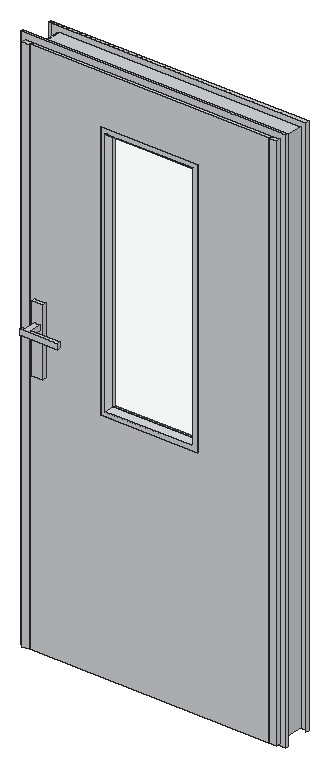
Revit family "Enduro_1", category Drzwi, Revit 2016
Family settings
  Obiekt nadrzędny = Ściana
  Zawsze pionowo = Tak
  Tnij formami wycięć po wczytaniu = Nie
  Współdzielony = Nie
  Punkt obliczania pomieszczeń = Nie
Parameters (values of type "PN 90")
  Wysokość = 2055 mm
  Zakończenie ściany = Wg obiektu nadrzędnego
  URL = "www.porta.com.pl"
  Szerokość = 985 mm
  Ss = 952 mm
  Sb = 964 mm
  Producent = "PORTA KMI POLAND"  # constant formula
  Description = ""
  Materiał_skrzydło [instance] = none
  Materiał_ramiak_stal [instance] = none
  Materiał_ościeżnica [instance] = none
  Materiał_klamka [instance] = none
  Konstrukcja analityczna = "<Brak>"
  Informacja = "Własność Porta KMI Poland, wszelkie prawa zastrzeżone."  # constant formula
  Hs = 2030 mm
  Funkcja = Wewnętrzna
Types (5, lengths in mm): name | Szerokość | Ss | Sb
  PN 60 | 675 | 644 | 656
  PN 70 | 775 | 744 | 756
  PN 80 | 875 | 844 | 856
  PN 90 | 985 | 952 | 964
  PN 100 | 1075 | 1044 | 1056
Reference planes
  plane 1: y = 0
  plane 2 "Środek (Lewa/Prawa)": x = 0
  plane 3 "Lewy": x = -492.5
  plane 4 "Prawy": x = 492.5
  plane 5: z = 2055
  plane 6 "Zewnętrzna": y = 75
  plane 7 "Wewnętrzna": y = -75
  plane 8 "skrzydło": y = -61.695
Forms (mm)
  Sweep 1, solid, material <- "Materiał_ościeżnica"
    path in 3D
      loop
        line (-492.5, -75, 0) -> (-492.5, -75, 2055) -> (492.5, -75, 2055) -> (492.5, -75, 0)
    profile origin (-492.5, -75, 1027.5) x (0, -1, 0) y (1, 0, 0)
      loop
        line (-14.005, 25.5) -> (-14.005, 40.5) -> (-115, 40.5) -> (-115, 10.5) -> (-105, 10.5) -> (-105, 11.7) -> (-113.8, 11.7) -> (-113.8, 39.3) -> (-30.705, 39.3) -> (-30.705, 24.3) -> (8.8, 24.3) -> (8.8, -3.3) -> (0, -3.3) -> (0, -4.5) -> (10, -4.5) -> (10, 25.5) -> (-14.005, 25.5)
Lines and regions (mm)
  Opening 1
    outline origin (-3050, -75, 0) x (1, 0, 0) y (0, 0, 1)
      loop
        line (2557.5, 0) -> (3542.5, 0) -> (3542.5, 2055) -> (2557.5, 2055) -> (2557.5, 0)
  symbolic lines, style "DoorsPanelProjection"
    curve 1: line (476, -75, 0) -> (476, -1027, 0)
    curve 2: line (476, -1027, 0) -> (436, -1027, 0)
    curve 3: line (436, -1027, 0) -> (436, -75, 0)
    curve 4: line (436, -75, 0) -> (476, -75, 0)
  symbolic lines, style "Plan Swing"
    curve 5: arc (-476, -75, 0) -> (-197.166, -748.166, 0) -> (476, -1027, 0) r 952
  sketch lines
    curve 6: line (-492.5, -75, 0) -> (-492.5, -75, 2055)
    curve 7: line (-492.5, -75, 2055) -> (492.5, -75, 2055)
    curve 8: line (492.5, -75, 2055) -> (492.5, -75, 0)
Text (mm)
  text "Zewnętrzna" at (-2295.016, 1099.543, 0), in view "Poziom odniesienia"
  text "Zewnętrzna" at (0, 1615.38, 3698.081), in view "Lewy"
  text "Zewnętrzna" at (0, 1036.032, 3874.932), in view "Prawy"
Dimensions and locks
  equal spacing: plane 3 "Lewy", plane 2 "Środek (Lewa/Prawa)", plane 4 "Prawy"
  "Szerokość": plane 3 "Lewy" to plane 4 "Prawy"
  "Wysokość": plane 5 to host wall
  host wall to plane 5 = 2055 mm  (x2)
  locked: plane 6 "Zewnętrzna" to host wall at 0
  locked: plane 7 "Wewnętrzna" to host wall
  "Ss": curve 2 to plane 7 "Wewnętrzna"
  locked: curve 3 to curve 1 at 40
  equal spacing: curve 5, plane 2 "Środek (Lewa/Prawa)", curve 1
  locked: plane 7 "Wewnętrzna" to plane 8 "skrzydło" at 13.305
  locked: Sweep 1 sketch curve to Sweep 1 sketch curve at 30
  locked: Sweep 1 sketch curve to Sweep 1 sketch curve at 15  (x2)
  "Sb": Sweep 1 to Sweep 1
  equal spacing: nested 1, plane 2 "Środek (Lewa/Prawa)", nested 1
  locked: nested 1 to level at 8
  aligned and locked: plane 3 "Lewy" to Opening 1 sketch curve
  aligned and locked: plane 5 to Opening 1 sketch curve  (x2)
  aligned and locked: Opening 1 sketch curve to plane 4 "Prawy"
  aligned and locked: Opening 1 sketch curve to level
  aligned and locked: plane 1 to host wall
  aligned and locked: Sweep 1 sketch curve to plane 7 "Wewnętrzna"
  aligned and locked: plane 8 "skrzydło" to nested 1
Automatic sketch dimensions
  curve 3 to host wall = 0 mm
  curve 5 to host wall = 0 mm
  profile plane to Sweep 1 sketch curve = 115 mm
  Sweep 1 sketch curve to profile plane = 4.5 mm
  Sweep 1 sketch curve to Sweep 1 sketch curve = 1.2 mm  (x6)
  Sweep 1 sketch curve to Sweep 1 sketch curve = 10 mm
  Sweep 1 sketch curve to Sweep 1 sketch curve = 16.7 mm
  profile plane to Sweep 1 sketch curve = 30.705 mm
  Sweep 1 sketch curve to Sweep 1 sketch curve = 8.8 mm
Nested families
  nested 1: "Enduro_wzór_1" at (0, -61.695, 0), Materiał_skrzydło_płyta <- "Materiał_skrzydło", Materiał_ramiak_stal <- "Materiał_ramiak_stal", Materiał_klamka <- "Materiał_klamka", type "Enduro_wzór_1"
    with Materiał_skrzydło_płyta none, Materiał_ramiak_stal none, Materiał_klamka none
Definition of nested family "Enduro_wzór_1"
  Parameters
    Ss = 952 mm
    Materiał_skrzydło_płyta [instance] = none
    Materiał_ramiak_stal [instance] = none
    Materiał_klamka [instance] = none
    Hs = 2030 mm
  Reference planes
    plane 1 "Tył": y = 0
    plane 2: z = 0
    plane 3 "Środek (Lewa/Prawa)": x = 0
    plane 4 "Lewa": x = -476
    plane 5 "Prawa": x = 476
    plane 6 "Przód": y = -40.5
    plane 7: z = 2038
    plane 8 "Centrum": y = -20.25
    plane 9: x = -449
    plane 10: z = 8
    plane 11: x = 449
    plane 12: x = -181
    plane 13: x = 181
    plane 14: z = 1854
    plane 15: z = 890
  Forms (mm)
    Sweep 1, solid, material <- "Materiał_ramiak_stal"
      path origin (0, -20.25, 0) x (-1, 0, 0) y (0, 0, 1)
        loop
          line (449, 2025) -> (449, 8)
      profile "Profil_rama : Profil_rama" origin (-449, -20.25, 1016.5) x (-1, 0, 0) y (0, 1, 0)
        loop
          line (14, 20.9) -> (0, 20.9) -> (0, -5.6) -> (14, -5.6) -> (14, 20.9)
    Sweep 2, solid, material <- "Materiał_ramiak_stal"
      path origin (0, -20.25, 0) x (-1, 0, 0) y (0, 0, 1)
        loop
          line (449, 2038) -> (449, 8)
      profile "Profil_rama_przylga : Profil_rama_przylga" origin (-449, -20.25, 1023) x (-1, 0, 0) y (0, 1, 0)
        loop
          line (27, -5.6) -> (0, -5.6) -> (0, -20.9) -> (27, -20.9) -> (27, -5.6)
    Sweep 3, solid, material <- "Materiał_ramiak_stal"
      path origin (0, -20.25, 0) x (1, 0, 0) y (0, 0, 1)
        loop
          line (449, 2025) -> (449, 8)
      profile "Profil_rama : Profil_rama" origin (449, -20.25, 1016.5) x (-1, 0, 0) y (0, 1, 0)
        loop
          line (-14, 20.9) -> (-14, -5.6) -> (0, -5.6) -> (0, 20.9) -> (-14, 20.9)
    Sweep 4, solid, material <- "Materiał_ramiak_stal"
      path origin (0, -20.25, 0) x (1, 0, 0) y (0, 0, 1)
        loop
          line (449, 2038) -> (449, 8)
      profile "Profil_rama_przylga : Profil_rama_przylga" origin (449, -20.25, 1023) x (-1, 0, 0) y (0, 1, 0)
        loop
          line (-27, -5.6) -> (-27, -20.9) -> (0, -20.9) -> (0, -5.6) -> (-27, -5.6)
    Extrusion 5, solid, material <- "Materiał_skrzydło_płyta"
      sketch origin (0, 0, 0) x (1, 0, 0) y (0, 0, 1)
        loop
          line (-449, 2025) -> (-449, 8) -> (449, 8) -> (449, 2025) -> (-449, 2025)
        loop
          line (-181, 1854) -> (-181, 890) -> (181, 890) -> (181, 1854) -> (-181, 1854)
      from 0 to 25.85
    Extrusion 6, solid, material <- "Materiał_skrzydło_płyta"
      sketch origin (0, -40.5, 0) x (-1, 0, 0) y (0, 0, 1)
        loop
          line (449, 2038) -> (-449, 2038) -> (-449, 8) -> (449, 8) -> (449, 2038)
        loop
          line (181, 890) -> (181, 1854) -> (-181, 1854) -> (-181, 890) -> (181, 890)
      from 0 to 14.65
    Sweep 7, solid, material <- "Materiał_ramiak_stal"
      path origin (0, -20.25, 0) x (-1, 0, 0) y (0, 0, 1)
        loop
          line (181, 1854) -> (-181, 1854) -> (-181, 890) -> (181, 890) -> (181, 1854)
      profile "Profil_ramka_wewnętrzna : Profil_ramka_wewnętrzna" origin (-181, -20.25, 1372) x (-1, 0, 0) y (0, 1, 0)
        loop
          line (0, -21.053) -> (0, 21.053) -> (-15.997, 21.053) -> (-30.001, 4.943) -> (-30.001, -4.943) -> (-15.997, -21.053) -> (0, -21.053)
    Extrusion 8, solid
      sketch origin (0, -20.25, 0) x (-1, 0, 0) y (0, 0, 1)
        loop
          line (150.999, 1823.999) -> (-150.999, 1823.999) -> (-150.999, 920.001) -> (150.999, 920.001) -> (150.999, 1823.999)
      from 4.3 to -4.3
  Lines and regions (mm)
    symbolic lines
      curve 1: line (-476, -40.5, 8) -> (-476, -40.5, 2038)
      curve 2: line (-476, -40.5, 2038) -> (476, -40.5, 2038)
      curve 3: line (476, -40.5, 2038) -> (476, -40.5, 8)
      curve 4: line (476, -40.5, 8) -> (-476, -40.5, 8)
      curve 5: line (-449, -40.5, 8) -> (-449, -40.5, 2038)
      curve 6: line (449, -40.5, 2038) -> (449, -40.5, 8)
      curve 7: line (-181, -40.5, 1854) -> (181, -40.5, 1854)
      curve 8: line (-181, -40.5, 890) -> (-181, -40.5, 1854)
      curve 9: line (181, -40.5, 890) -> (-181, -40.5, 890)
      curve 10: line (181, -40.5, 1854) -> (181, -40.5, 890)
      curve 11: line (-150.999, -40.5, 920.001) -> (-150.999, -40.5, 1823.999)
      curve 12: line (-150.999, -40.5, 1823.999) -> (150.999, -40.5, 1823.999)
      curve 13: line (150.999, -40.5, 1823.999) -> (150.999, -40.5, 920.001)
      curve 14: line (150.999, -40.5, 920.001) -> (-150.999, -40.5, 920.001)
  Dimensions and locks
    equal spacing: plane 4 "Lewa", plane 3 "Środek (Lewa/Prawa)", plane 5 "Prawa"
    "Ss": plane 4 "Lewa" to plane 5 "Prawa"
    equal spacing: plane 1 "Tył", plane 8 "Centrum", plane 6 "Przód"
    locked: plane 4 "Lewa" to plane 9 at 27
    locked: plane 10 to level at 8
    "Hs": plane 7 to plane 10
    locked: plane 5 "Prawa" to plane 11 at 27
    locked: plane 9 to nested 1 at 20.956
    locked: nested 1 to plane 10 at 933.008
    locked: nested 3 to Extrusion 5 at 20.956
    locked: plane 10 to nested 3 at 933.008
    locked: plane 14 to plane 15 at 964
    plane 13 to plane 3 "Środek (Lewa/Prawa)" to plane 12 = 181 mm locked, 181 mm locked
    aligned and locked: Sweep 1 sketch curve to plane 9
    aligned and locked: plane 10 to Sweep 1 sketch curve
    aligned and locked: plane 9 to Sweep 2 sketch curve
    aligned and locked: plane 7 to Sweep 2 sketch curve
    aligned and locked: plane 10 to Sweep 2 sketch curve
    aligned and locked: plane 11 to Sweep 3 sketch curve
    aligned and locked: Sweep 4 sketch curve to plane 11
    aligned and locked: plane 9 to Extrusion 5 sketch curve
    aligned and locked: Extrusion 5 sketch curve to plane 11
    aligned and locked: plane 10 to Extrusion 5 sketch curve
    aligned and locked: Extrusion 5 to Sweep 2
    aligned and locked: Extrusion 6 sketch curve to plane 9
    aligned and locked: plane 11 to Extrusion 6 sketch curve
    aligned and locked: Extrusion 6 sketch curve to plane 10
    aligned and locked: Extrusion 6 sketch curve to plane 7
    aligned and locked: Extrusion 6 to Extrusion 5
    aligned and locked: Extrusion 8 sketch curve to Sweep 7  (x4)
    aligned and locked: nested 1 to plane 6 "Przód"
    aligned and locked: curve 1 to Sweep 2
    aligned and locked: curve 2 to Extrusion 6
    aligned and locked: curve 3 to Sweep 4
    aligned and locked: curve 4 to Extrusion 6
    aligned and locked: curve 5 to Extrusion 6
    aligned and locked: curve 6 to Extrusion 6
    aligned and locked: plane 3 "Środek (Lewa/Prawa)" to nested 2
    aligned and locked: plane 14 to Sweep 7 sketch curve
    aligned and locked: Sweep 7 sketch curve to plane 15
    aligned and locked: plane 13 to Sweep 7 sketch curve
    aligned and locked: Sweep 7 sketch curve to plane 12
    aligned and locked: plane 12 to curve 8
    aligned and locked: plane 15 to curve 9
    aligned and locked: curve 7 to plane 14
    aligned and locked: curve 10 to plane 13
    aligned and locked: curve 11 to Extrusion 8
    aligned and locked: curve 12 to Extrusion 8
    aligned and locked: curve 13 to Extrusion 8
    aligned and locked: curve 14 to Extrusion 8
    aligned and locked: plane 12 to Extrusion 6 sketch curve
    aligned and locked: Extrusion 6 sketch curve to plane 13
    aligned and locked: Extrusion 6 sketch curve to plane 14
    aligned and locked: plane 15 to Extrusion 6 sketch curve
    aligned and locked: Extrusion 5 sketch curve to plane 14
    aligned and locked: Extrusion 5 sketch curve to plane 13
    aligned and locked: Extrusion 5 sketch curve to plane 12
    aligned and locked: Extrusion 5 sketch curve to plane 15
  Automatic sketch dimensions
    Sweep 1 sketch curve to plane 7 = 13 mm
    Sweep 3 sketch curve to plane 10 = 0 mm
    plane 7 to Sweep 3 sketch curve = 13 mm
    Sweep 4 sketch curve to plane 10 = 0 mm
    Sweep 4 sketch curve to plane 7 = 0 mm
    Extrusion 5 sketch curve to plane 7 = 13 mm
    curve 6 to plane 7 = 0 mm
    curve 6 to plane 11 = 0 mm
    curve 5 to plane 9 = 0 mm
    curve 1 to plane 10 = 0 mm
    curve 12 to plane 13 = 30.001 mm
    plane 12 to curve 11 = 30.001 mm
    plane 15 to curve 11 = 30.001 mm
    curve 12 to plane 14 = 30.001 mm
  Nested families
    nested 1: "KLAMKA" at (-408.044, -40.5, 1066.008), Materiał klamki <- "Materiał_klamka", type "KLAMKA"
      with Materiał klamki none
    nested 2: "logo_porta" at (0, 0, 110) x (1, 0, 0) z (0, -1, 0), type "logo_porta"
    nested 3: "KLAMKA" at (-408.044, 0, 1066.008), Materiał klamki <- "Materiał_klamka", type "KLAMKA"
      with Materiał klamki none
  Definition of nested family "KLAMKA"
    Parameters
      Materiał klamki [instance] = none
      Assembly Code = ""
      Default Elevation = 1219.2 mm
    Reference planes
      plane 1 "Center (Front/Back)": y = 0
      plane 2: z = 0
      plane 3 "Center (Left/Right)": x = 0
      plane 4: z = 125
      plane 5: z = -125
      plane 6: x = 20
      plane 7: x = -20
      plane 8: y = -70
      plane 9: y = -60
      plane 10: x = 10
      plane 11: x = -10
      plane 12: x = 120
      plane 13: z = 35
      plane 14: z = 55
      plane 15: y = -15
    Forms (mm)
      Extrusion 1, solid, material <- "Materiał klamki"
        sketch origin (0, 0, 0) x (1, 0, 0) y (0, 0, 1)
          loop
            line (-20, 125) -> (-20, -125) -> (20, -125) -> (20, 125) -> (-20, 125)
        from 0 to 15
      Extrusion 2, solid, material <- "Materiał klamki"
        sketch origin (0, 0, 0) x (1, 0, 0) y (0, 1, 0)
          loop
            line (-10, -15) -> (-10, -60) -> (-20, -60) -> (-20, -70) -> (120, -70) -> (120, -60) -> (10, -60) -> (10, -15) -> (-10, -15)
        from 35 to 55
    Dimensions and locks
      equal spacing: plane 4, plane 2, plane 5
      plane 4 to plane 5 = 250 mm
      equal spacing: plane 7, plane 3 "Center (Left/Right)", plane 6
      plane 7 to plane 6 = 40 mm
      plane 8 to plane 1 "Center (Front/Back)" = 70 mm
      plane 11 to plane 3 "Center (Left/Right)" to plane 10 = 10 mm locked, 10 mm locked
      plane 7 to plane 12 = 140 mm
      plane 15 to plane 1 "Center (Front/Back)" = 15 mm
      aligned and locked: plane 7 to Extrusion 1 sketch curve
      aligned and locked: Extrusion 1 sketch curve to plane 4
      aligned and locked: plane 5 to Extrusion 1 sketch curve
      aligned and locked: Extrusion 1 sketch curve to plane 6
      aligned and locked: plane 15 to Extrusion 1
      aligned and locked: Extrusion 1 to plane 1 "Center (Front/Back)"
      aligned and locked: plane 14 to Extrusion 2
      aligned and locked: Extrusion 2 to plane 13
    Automatic sketch dimensions
      Extrusion 2 sketch curve to plane 7 = 0 mm
      Extrusion 2 sketch curve to plane 9 = 0 mm  (x2)
      Extrusion 2 sketch curve to plane 11 = 0 mm
      Extrusion 2 sketch curve to plane 10 = 0 mm
      Extrusion 2 sketch curve to plane 12 = 0 mm
      Extrusion 2 sketch curve to plane 8 = 0 mm
      Extrusion 2 sketch curve to plane 15 = 0 mm
  Definition of nested family "logo_porta"
    Reference planes
      plane 1 "Środek (Przód/Tył)": y = 0
      plane 2: z = 0
      plane 3 "Środek (Lewa/Prawa)": x = 0
